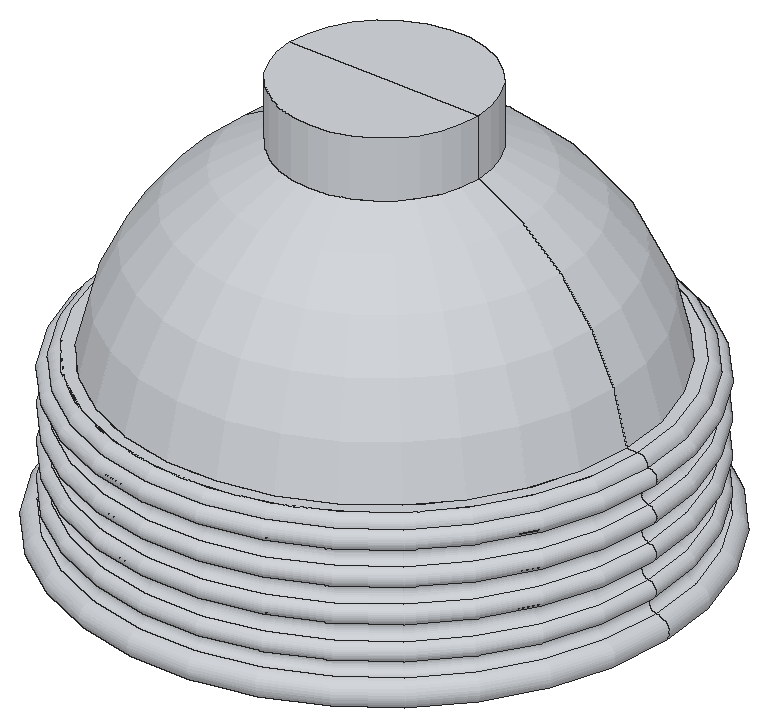
Revit family "SKT", category Generic Models, Revit 2024
Family settings
  Can host rebar = No
  Round Connector Dimension = Use Diameter
  Part Type = Normal
  Work Plane-Based = No
  Always vertical = Yes
  Cut with Voids When Loaded = No
  Maintain Annotation Orientation = No
  Shared = No
  Room Calculation Point = No
Parameters
  Default Elevation = 0' - 0"
Reference planes (in)
  plane 1 "Center (Front/Back)": y = 0
  plane 2: z = 0
  plane 3 "Center (Left/Right)": x = 0
Forms (in)
  Revolve 1, solid
    sketch origin (0, 0, 0) x (1, 0, 0) y (0, 0, 1)
      loop
        line (0.7264, 42.0966) -> (0, 42.0966) -> (0, 41.9716) -> (0.6014, 41.9716) -> (0.6014, 41.57603)
        arc (0.6014, 41.57603) -> (1.39803, 40.99397) -> (1.75778, 40.07528) r 1.76492
        line (1.75778, 40.07528) -> (1.93021, 40.07528)
        arc (1.93021, 40.07528) -> (1.86159, 39.94158) -> (1.91188, 39.79996) r 0.18951
        arc (1.91188, 39.79996) -> (1.86117, 39.67095) -> (1.91187, 39.54193) r 0.18951
        arc (1.91187, 39.54193) -> (1.86165, 39.39947) -> (1.93153, 39.26555) r 0.18951
        arc (1.93153, 39.26555) -> (1.94722, 39.09438) -> (2.09863, 39.01301) r 0.18155
        line (2.09863, 39.01301) -> (2.09863, 38.94316)
        arc (2.09863, 38.94316) -> (2.19605, 39.04058) -> (2.09863, 39.13801) r 0.09742
        arc (2.09863, 39.13801) -> (2.05067, 39.16459) -> (2.04781, 39.21936) r 0.05655
        arc (2.04781, 39.21936) -> (2.09836, 39.28978) -> (2.03608, 39.35008) r 0.06634
        arc (2.03608, 39.35008) -> (1.98617, 39.41267) -> (2.03561, 39.47564) r 0.06451
        arc (2.03561, 39.47564) -> (2.09863, 39.5417) -> (2.036, 39.60813) r 0.06634
        arc (2.036, 39.60813) -> (1.98617, 39.67075) -> (2.03561, 39.73367) r 0.06451
        arc (2.03561, 39.73367) -> (2.09964, 39.79996) -> (2.03561, 39.86626) r 0.06634
        arc (2.03561, 39.86626) -> (1.98617, 39.92898) -> (2.03561, 39.99171) r 0.06451
        arc (2.03561, 39.99171) -> (2.10065, 40.05868) -> (2.03431, 40.12437) r 0.06634
        arc (2.03431, 40.12437) -> (2.01267, 40.17799) -> (1.95932, 40.20028) r 0.075
        line (1.95932, 40.20028) -> (1.86853, 40.20028)
        arc (1.86853, 40.20028) -> (1.48902, 41.08061) -> (0.7264, 41.66148) r 1.88992
        line (0.7264, 41.66148) -> (0.7264, 42.0966)
      axis (0, 42.0966) -> (0, 38.94316)
    angle from 0 to 360
Dimensions and locks (in)
  aligned and locked: plane 2 to level
